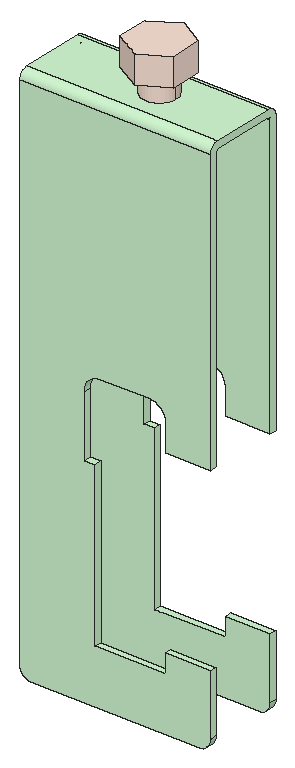
Revit family "チャンネル直交金具システム用", category 機械設備, Revit 2020
Family settings
  丸型コネクタ寸法 = 直径を使用
  種別 = なし
  パーツ タイプ = 標準
  作業面ベース = いいえ
  常に垂直 = はい
  ロード時にボイドで切り取り = いいえ
  共有 = いいえ
  部屋計算ポイント = いいえ
Parameters
  製造元 = "株式会社桐井製作所"
  既定の高さ = 0 mm
  URL = "https://www.kirii.co.jp/"
  K_材質 = "溶融亜鉛めっき鋼板及び鋼帯SGCC　一般用"
  K_品名 = "チャンネル直交金具システム用"
  K_名称 = "チャンネル直交金具"
  K_入数 = "250"
  K_バージョン情報 = "20220915"
  K_めっき付着量 = "Z12"
  K_JIS規格 = "JIS G 3302"
Reference planes
  plane 1 "中心(正面/背面)": y = 0
  plane 2: z = 0
  plane 3 "中心(左/右)": x = 0
Forms (mm)
  Extrusion 1, solid
    sketch origin (0, 0, 0) x (0, 1, 0) y (0, 0, 1)
      loop
        line (6.05, -0.6) -> (6.05, -95.8) -> (7.25, -95.8) -> (7.25, -0.4)
        arc (7.25, -0.4) -> (6.781, 0.731) -> (5.65, 1.2) r 1.6
        line (5.65, 1.2) -> (-5.65, 1.2)
        arc (-5.65, 1.2) -> (-6.781, 0.731) -> (-7.25, -0.4) r 1.6
        line (-7.25, -0.4) -> (-7.25, -95.8) -> (-6.05, -95.8) -> (-6.05, -0.6)
        arc (-6.05, -0.6) -> (-5.874, -0.176) -> (-5.45, 0) r 0.6
        line (-5.45, 0) -> (5.45, 0)
        arc (5.45, 0) -> (5.874, -0.176) -> (6.05, -0.6) r 0.6
    from -19 to 15
  Extrusion 2, void
    sketch origin (0, 0, 0) x (1, 0, 0) y (0, 0, 1)
      loop
        line (15, -82.8) -> (15, -50.8) -> (7, -50.8) -> (7, -46.1)
        arc (7, -46.1) -> (6.121, -43.979) -> (4, -43.1) r 3
        line (4, -43.1) -> (-4.5, -43.1)
        arc (-4.5, -43.1) -> (-6.621, -43.979) -> (-7.5, -46.1) r 3
        line (-7.5, -46.1) -> (-7.5, -57.1) -> (-5.6, -57.1) -> (-5.6, -86.1) -> (7, -86.1) -> (7, -82.8) -> (15, -82.8)
    from 6.05 to 7.25
  Extrusion 3, void
    sketch origin (0, 15.1, 0) x (1, 0, 0) y (0, 0, 1)
      loop
        line (15, -82.8) -> (15, -50.8) -> (7, -50.8) -> (7, -46.1)
        arc (7, -46.1) -> (6.121, -43.979) -> (4, -43.1) r 3
        line (4, -43.1) -> (-4.5, -43.1)
        arc (-4.5, -43.1) -> (-6.621, -43.979) -> (-7.5, -46.1) r 3
        line (-7.5, -46.1) -> (-7.5, -57.1) -> (-5.6, -57.1) -> (-5.6, -86.1) -> (7, -86.1) -> (7, -82.8) -> (15, -82.8)
    from 7.85 to 9.05
  Extrusion 4, void
    sketch origin (0, 0, 0) x (1, 0, 0) y (0, 0, 1)
      loop
        line (-19, -93.8) -> (-19, -95.8) -> (-17, -95.8)
        arc (-17, -95.8) -> (-18.414, -95.214) -> (-19, -93.8) r 2
      loop
        line (13, -95.8) -> (15, -95.8) -> (15, -93.8)
        arc (15, -93.8) -> (14.414, -95.214) -> (13, -95.8) r 2
    from 6.05 to 7.25
  Extrusion 5, void
    sketch origin (0, 15.1, 0) x (1, 0, 0) y (0, 0, 1)
      loop
        line (-19, -93.8) -> (-19, -95.8) -> (-17, -95.8)
        arc (-17, -95.8) -> (-18.414, -95.214) -> (-19, -93.8) r 2
      loop
        line (13, -95.8) -> (15, -95.8) -> (15, -93.8)
        arc (15, -93.8) -> (14.414, -95.214) -> (13, -95.8) r 2
    from 7.85 to 9.05
  Extrusion 6, solid
    sketch origin (0, 0, 0) x (1, 0, 0) y (0, 1, 0)
      loop
        circle (0.048, 0) r 4.2
      loop
        circle (0.048, 0) r 3
    from -1.4 to 0
  Extrusion 7, void
    sketch origin (0, 0, 0) x (1, 0, 0) y (0, 1, 0)
      loop
        circle (0.048, 0) r 3
    from -1.4 to 1.2
Cuts and joins
  Extrusion 2, Extrusion 3, Extrusion 4, Extrusion 5, Extrusion 7 cuts Extrusion 1
  Extrusion 7 cuts Extrusion 6
  joined: Extrusion 1, Extrusion 6
Dimensions and locks
  aligned and locked: level to plane 2
Nested families
  nested 1: "六角ボルトM6×20" at (0, -0.2, 9.8) x (1, 0, 0) z (0, -1, 0.0001), type "六角ボルトM6×20"
Definition of nested family "六角ボルトM6×20"
  Parameters (values of type "六角ボルトM6×20")
    Manufacturer = "株式会社桐井製作所"
    Default Elevation = 0 mm
    URL = "https://www.kirii.co.jp/"
    K_名称 = "六角ボルトM6×20"
  Reference planes
    plane 1 "中心(正面/背面)": y = 0
    plane 2: z = 0
    plane 3 "中心(左/右)": x = 0
    plane 4 "正面": y = -5
  Forms (mm)
    Extrusion 1, solid
      sketch origin (0, 0, 0) x (1, 0, 0) y (0, 0, 1)
        loop
          line (-4.763, -2.946) -> (0, -5.696) -> (4.763, -2.946) -> (4.763, 2.554) -> (0, 5.304) -> (-4.763, 2.554) -> (-4.763, -2.946)
      from 0 to 5
    Extrusion 2, solid
      sketch origin (0, 0, 0) x (1, 0, 0) y (0, 0, 1)
        loop
          circle (-0.011, -0.2) r 3
      from 5 to 20
  Cuts and joins
    joined: Extrusion 1, Extrusion 2
  Dimensions and locks
    aligned and locked: level to plane 2
